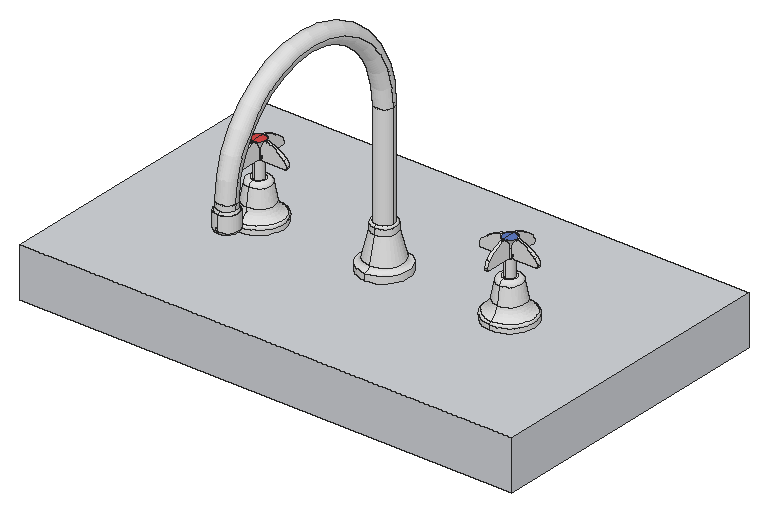
Revit family
Parameters (values of type "49942 (Jumper Valve)")
  WELSRating_ANZRS = "5 star"
  URL = "www.galvinengineering.com.au"
  Type Comments = "Vendal Resistant"
  StyleOrType_ANZRS = "Plumbing Fixture"
  Seating = "Jumper Valve (Option of 1/2 Turn Ceramic Disc)"
  PlumbingMaterial_ANZRS = Metal_Taps_DR-Brass-with-Chrome-Finish_10800
  Outlet = "Fixed Gooseneck 200mm Spout DPW (NSW)"
  ModifiedIssue_ANZRS = 20120629.01  # constant formula
  Model = "49942"
  Manufacturer = "Galvin Engineering"
  Keynote = "15400"
  Instructions = "http://www.galvinengineering.com.au/Installation_Guides_1.aspx"
  Inlet = "15mm BSP"
  FlowRate = 0.10 L/s
  FilterObject_ANZRS = "Vendal Resistant"
  DimWidth = 255 mm  # constant formula
  DimInletRadius = 7.5 mm  # constant formula
  DimHeight = 260 mm  # constant formula
  DimDepth = 200 mm  # constant formula
  Description = "Vandal Resistant DPW Hob Sink Set - Jumper Valve"
  Default Elevation = 900 mm
  CreatedBy_ANZRS = "Galvin Engineering"  # constant formula
  CreatedByURL_ANZRS = "www.galvinengineering.com.au"
  CreatedByPhoneNo_ANZRS = "61-8-92495900"  # constant formula
  Assembly Code = "D2010"
Reference planes
  plane 1 "Back": y = 0
  plane 2 "Face": z = 0
  plane 3 "Center (Left/Right)": x = 0
  plane 4 "Left": x = -127.5
  plane 5 "Right": x = 127.5
  plane 6 "Top": z = 260
  plane 7 "Front": y = -200
  plane 8: z = 125
Forms (mm)
  Extrusion 1, solid
    sketch origin (0, -719.2, 0) x (1, 0, 0) y (0, 1, 0)
      loop
        line (-250, 869.2) -> (-250, 569.2) -> (250, 569.2) -> (250, 869.2) -> (-250, 869.2)
    from 0 to -50
  Revolve 2, solid, material "Metal_Taps_DR-Brass-with-Chrome-Finish_10800" <- "PlumbingMaterial_ANZRS"
    sketch origin (-127.5, 0, 0) x (0, 1, 0) y (0, 0, 1)
      loop
        line (0, 74.436) -> (-7.407, 74.436)
        arc (-7.407, 74.436) -> (-3.989, 70.707) -> (-2.75, 65.802) r 10.333
        line (-2.75, 65.802) -> (-2.75, 56.036) -> (-4.919, 56.036) -> (-4.919, 39) -> (-7.33, 39)
        arc (-7.33, 39) -> (-10.552, 37.823) -> (-12.258, 34.846) r 5
        line (-12.258, 34.846) -> (-15.129, 18.129)
        arc (-15.129, 18.129) -> (-17.907, 11.675) -> (-23.319, 7.195) r 15
        arc (-23.319, 7.195) -> (-24.545, 6.088) -> (-25, 4.5) r 3
        line (-25, 4.5) -> (-25, 0) -> (0, 0) -> (0, 74.436)
      axis (0, 0) -> (0, 74.436)
    angle from 0 to 360
  Extrusion 3, solid, material "Metal_Taps_DR-Brass-with-Chrome-Finish_10800" <- "PlumbingMaterial_ANZRS"
    sketch origin (-127.5, 0, 0) x (0, 1, 0) y (0, 0, 1)
      loop
        line (-27.98, 56.036) -> (28.02, 56.036)
        arc (28.02, 56.036) -> (29.11, 56.505) -> (29.518, 57.62) r 1.5
        arc (29.518, 57.62) -> (28.88, 61.161) -> (26.905, 64.169) r 9
        arc (26.905, 64.169) -> (19.204, 70.219) -> (10.263, 74.216) r 40
        arc (10.263, 74.216) -> (9.538, 74.381) -> (8.796, 74.436) r 5
        line (8.796, 74.436) -> (-8.62, 74.436)
        arc (-8.62, 74.436) -> (-9.363, 74.38) -> (-10.09, 74.215) r 5
        arc (-10.09, 74.215) -> (-19.14, 70.144) -> (-26.909, 63.971) r 40
        arc (-26.909, 63.971) -> (-28.831, 61.029) -> (-29.479, 57.576) r 9
        arc (-29.479, 57.576) -> (-29.054, 56.49) -> (-27.98, 56.036) r 1.5
    from -1.5 to 1.5
  Revolve 4, solid, material "Plastic_Taps_Red_10800"
    sketch origin (-127.5, 0, 0) x (0, 1, 0) y (0, 0, 1)
      loop
        line (0, 74.436) -> (0, 75.522)
        spline (0, 75.522) -> (-0.816, 75.513) -> (-1.618, 75.485) -> (-2.392, 75.44) -> (-3.125, 75.377) -> (-3.805, 75.298) -> (-4.419, 75.204) -> (-4.958, 75.097) -> (-5.413, 74.979) -> (-5.774, 74.852) -> (-6.037, 74.717) -> (-6.197, 74.578) -> (-6.25, 74.436)
        line (-6.25, 74.436) -> (0, 74.436)
      axis (0, 74.436) -> (0, 75.522)
    angle from 0 to 360
  Extrusion 5, solid, material "Metal_Taps_DR-Brass-with-Chrome-Finish_10800" <- "PlumbingMaterial_ANZRS"
    sketch origin (0, 0, 0) x (1, 0, 0) y (0, 0, 1)
      loop
        arc (-99.501, 56.036) -> (-98.426, 56.49) -> (-98.001, 57.576) r 1.5
        arc (-98.001, 57.576) -> (-98.65, 61.029) -> (-100.571, 63.971) r 9
        arc (-100.571, 63.971) -> (-108.341, 70.144) -> (-117.391, 74.215) r 40
        arc (-117.391, 74.215) -> (-118.117, 74.38) -> (-118.86, 74.436) r 5
        line (-118.86, 74.436) -> (-136.277, 74.436)
        arc (-136.277, 74.436) -> (-137.018, 74.381) -> (-137.743, 74.216) r 5
        arc (-137.743, 74.216) -> (-146.684, 70.219) -> (-154.385, 64.169) r 40
        arc (-154.385, 64.169) -> (-156.36, 61.161) -> (-156.999, 57.62) r 9
        arc (-156.999, 57.62) -> (-156.591, 56.505) -> (-155.501, 56.036) r 1.5
        line (-155.501, 56.036) -> (-99.501, 56.036)
    from -1.5 to 1.5
  Revolve 6, solid, material "Metal_Taps_DR-Brass-with-Chrome-Finish_10800" <- "PlumbingMaterial_ANZRS"
    sketch origin (127.5, 0, 0) x (0, 1, 0) y (0, 0, -1)
      loop
        line (0, -74.436) -> (0, 0) -> (-25, 0) -> (-25, -4.5)
        arc (-25, -4.5) -> (-24.545, -6.088) -> (-23.319, -7.195) r 3
        arc (-23.319, -7.195) -> (-17.907, -11.675) -> (-15.129, -18.129) r 15
        line (-15.129, -18.129) -> (-12.258, -34.846)
        arc (-12.258, -34.846) -> (-10.552, -37.823) -> (-7.33, -39) r 5
        line (-7.33, -39) -> (-4.919, -39) -> (-4.919, -56.036) -> (-2.75, -56.036) -> (-2.75, -65.802)
        arc (-2.75, -65.802) -> (-3.989, -70.707) -> (-7.407, -74.436) r 10.333
        line (-7.407, -74.436) -> (0, -74.436)
      axis (0, 0) -> (0, -74.436)
    angle from 0 to 360
  Extrusion 7, solid, material "Metal_Taps_DR-Brass-with-Chrome-Finish_10800" <- "PlumbingMaterial_ANZRS"
    sketch origin (127.5, 0, 0) x (0, 1, 0) y (0, 0, -1)
      loop
        arc (-27.98, -56.036) -> (-29.054, -56.49) -> (-29.479, -57.576) r 1.5
        arc (-29.479, -57.576) -> (-28.831, -61.029) -> (-26.909, -63.971) r 9
        arc (-26.909, -63.971) -> (-19.14, -70.144) -> (-10.09, -74.215) r 40
        arc (-10.09, -74.215) -> (-9.363, -74.38) -> (-8.62, -74.436) r 5
        line (-8.62, -74.436) -> (8.796, -74.436)
        arc (8.796, -74.436) -> (9.538, -74.381) -> (10.263, -74.216) r 5
        arc (10.263, -74.216) -> (19.204, -70.219) -> (26.905, -64.169) r 40
        arc (26.905, -64.169) -> (28.88, -61.161) -> (29.518, -57.62) r 9
        arc (29.518, -57.62) -> (29.11, -56.505) -> (28.02, -56.036) r 1.5
        line (28.02, -56.036) -> (-27.98, -56.036)
    from -1.5 to 1.5
  Revolve 8, solid, material "Plastic_Taps_Blue_10800"
    sketch origin (127.5, 0, 0) x (0, 1, 0) y (0, 0, -1)
      loop
        line (0, -74.436) -> (-6.25, -74.436)
        spline (-6.25, -74.436) -> (-6.197, -74.578) -> (-6.037, -74.717) -> (-5.774, -74.852) -> (-5.413, -74.979) -> (-4.958, -75.097) -> (-4.419, -75.204) -> (-3.805, -75.298) -> (-3.125, -75.377) -> (-2.392, -75.44) -> (-1.618, -75.485) -> (-0.816, -75.513) -> (0, -75.522)
        line (0, -75.522) -> (0, -74.436)
      axis (0, -74.436) -> (0, -75.522)
    angle from 0 to 360
  Extrusion 9, solid, material "Metal_Taps_DR-Brass-with-Chrome-Finish_10800" <- "PlumbingMaterial_ANZRS"
    sketch origin (0, 0, 0) x (-1, 0, 0) y (0, 0, -1)
      loop
        line (-99.501, -56.036) -> (-155.501, -56.036)
        arc (-155.501, -56.036) -> (-156.591, -56.505) -> (-156.999, -57.62) r 1.5
        arc (-156.999, -57.62) -> (-156.36, -61.161) -> (-154.385, -64.169) r 9
        arc (-154.385, -64.169) -> (-146.684, -70.219) -> (-137.743, -74.216) r 40
        arc (-137.743, -74.216) -> (-137.018, -74.381) -> (-136.277, -74.436) r 5
        line (-136.277, -74.436) -> (-118.86, -74.436)
        arc (-118.86, -74.436) -> (-118.117, -74.38) -> (-117.391, -74.215) r 5
        arc (-117.391, -74.215) -> (-108.341, -70.144) -> (-100.571, -63.971) r 40
        arc (-100.571, -63.971) -> (-98.65, -61.029) -> (-98.001, -57.576) r 9
        arc (-98.001, -57.576) -> (-98.426, -56.49) -> (-99.501, -56.036) r 1.5
    from -1.5 to 1.5
  Revolve 10, solid, material "Metal_Taps_DR-Brass-with-Chrome-Finish_10800" <- "PlumbingMaterial_ANZRS"
    sketch origin (0, 0, 0) x (0, 1, 0) y (0, 0, 1)
      loop
        line (0, 44.5) -> (-10, 44.5)
        arc (-10, 44.5) -> (-11.414, 43.914) -> (-12, 42.5) r 2
        line (-12, 42.5) -> (-12, 36.5) -> (-18.433, 11.031)
        arc (-18.433, 11.031) -> (-20.563, 7.766) -> (-24.25, 6.5) r 6
        line (-24.25, 6.5) -> (-24.25, 0) -> (0, 0) -> (0, 44.5)
      axis (0, 0) -> (0, 44.5)
    angle from 0 to 360
  Sweep 11, solid, material "Metal_Taps_DR-Brass-with-Chrome-Finish_10800" <- "PlumbingMaterial_ANZRS"
    path origin (0, 0, 0) x (0, 1, 0) y (0, 0, 1)
      loop
        line (-200, 145) -> (-200, 150.5)
        arc (-200, 150.5) -> (-100, 250.5) -> (0, 150.5) r 100
        line (0, 150.5) -> (0, 44.5)
    profile origin (0, 0, 97.5) x (1, 0, 0) y (0, 1, 0)
      loop
        circle (0, 0) r 9.5
  Revolve 12, solid, material "Metal_Taps_DR-Brass-with-Chrome-Finish_10800" <- "PlumbingMaterial_ANZRS"
    sketch origin (0, 18.668, 36.629) x (0, 0.984808, 0.173648) y (0, -0.173648, 0.984808)
      loop
        line (-208.57, 143.773) -> (-211.262, 128.509)
        arc (-211.262, 128.509) -> (-211.013, 127.388) -> (-210.045, 126.771) r 1.5
        line (-210.045, 126.771) -> (-208.568, 126.511) -> (-205.616, 143.252) -> (-197.048, 141.742) -> (-196.527, 144.696) -> (-205.82, 146.335) -> (-207.388, 143.565) -> (-208.57, 143.773)
      axis (-196.527, 144.696) -> (-200, 125)
    angle from 0 to 360
Dimensions and locks
  "DimHeight": plane 2 "Face" to plane 6 "Top"
  "DimWidth": plane 4 "Left" to plane 5 "Right"
  "DimDepth": plane 1 "Back" to plane 7 "Front"
  locked: plane 2 "Face" to plane 8 at 125
  aligned and locked: plane 2 "Face" to Extrusion 1
  aligned and locked: level to Extrusion 1
Automatic sketch dimensions
  Extrusion 1 sketch curve to Extrusion 1 sketch curve = 500 mm
  Extrusion 1 sketch curve to Extrusion 1 sketch curve = 300 mm
  Revolve 2 sketch curve to level = 0 mm
  Revolve 2 sketch curve to plane 1 "Back" = 0 mm  (x2)
  plane 1 "Back" to Revolve 2 sketch curve = 2.75 mm
  plane 1 "Back" to Revolve 2 sketch curve = 4.919 mm
  Revolve 2 sketch curve to Revolve 2 sketch curve = 2.411 mm
  plane 1 "Back" to Revolve 2 sketch curve = 7.407 mm
  Revolve 2 sketch curve to Revolve 2 sketch curve = 4.928 mm
  Revolve 2 sketch curve to Revolve 2 sketch curve = 10.333 mm
  plane 1 "Back" to Revolve 2 sketch curve = 15.129 mm
  level to Revolve 2 sketch curve = 4.5 mm
  Revolve 2 sketch curve to Revolve 2 sketch curve = 6.871 mm
  Revolve 2 sketch curve to Revolve 2 sketch curve = 1.319 mm
  Revolve 2 sketch curve to Revolve 2 sketch curve = 0 mm
  Revolve 2 sketch curve to Revolve 2 sketch curve = 3 mm
  Revolve 2 sketch curve to Revolve 2 sketch curve = 14.784 mm
  Revolve 2 sketch curve to Revolve 2 sketch curve = 14.703 mm
  Revolve 2 sketch curve to Revolve 2 sketch curve = 15.871 mm
  Revolve 2 sketch curve to Revolve 2 sketch curve = 0.846 mm
  Revolve 2 sketch curve to Revolve 2 sketch curve = 17.036 mm
  Revolve 2 sketch curve to Revolve 2 sketch curve = 9.766 mm
  Revolve 2 sketch curve to Revolve 2 sketch curve = 8.161 mm
  plane 1 "Back" to Extrusion 3 sketch curve = 29.479 mm
  Extrusion 3 sketch curve to Extrusion 3 sketch curve = 1.499 mm
  Extrusion 3 sketch curve to Extrusion 3 sketch curve = 1.07 mm
  Extrusion 3 sketch curve to Extrusion 3 sketch curve = 0 mm  (x4)
  Extrusion 3 sketch curve to Extrusion 3 sketch curve = 7.5 mm  (x2)
  plane 1 "Back" to Extrusion 3 sketch curve = 10.09 mm
  Extrusion 3 sketch curve to Extrusion 3 sketch curve = 1.47 mm
  plane 1 "Back" to Extrusion 3 sketch curve = 1.47 mm
  Extrusion 3 sketch curve to plane 1 "Back" = 1.667 mm
  Extrusion 3 sketch curve to plane 1 "Back" = 8.796 mm
  Extrusion 3 sketch curve to Extrusion 3 sketch curve = 1.467 mm
  Extrusion 3 sketch curve to Extrusion 3 sketch curve = 11.724 mm
  Extrusion 3 sketch curve to Extrusion 3 sketch curve = 6.384 mm
  Extrusion 3 sketch curve to Extrusion 3 sketch curve = 1.498 mm
  level to Extrusion 3 sketch curve = 35.976 mm
  Extrusion 3 sketch curve to Extrusion 3 sketch curve = 0.006 mm
  Extrusion 3 sketch curve to Extrusion 3 sketch curve = 20.054 mm
  Extrusion 3 sketch curve to Extrusion 3 sketch curve = 1.5 mm
  Revolve 4 sketch curve to plane 1 "Back" = 0 mm  (x2)
  plane 1 "Back" to Revolve 4 sketch curve = 6.25 mm
  level to Revolve 4 sketch curve = 68.546 mm
  Revolve 4 sketch curve to Revolve 4 sketch curve = 5.89 mm
  Revolve 4 sketch curve to Revolve 4 sketch curve = 1.086 mm
  Revolve 4 sketch curve to Revolve 4 sketch curve = 6.727 mm
  Extrusion 5 sketch curve to plane 4 "Left" = 29.499 mm
  Extrusion 5 sketch curve to Extrusion 5 sketch curve = 1.498 mm
  Extrusion 5 sketch curve to Extrusion 5 sketch curve = 1.116 mm
  Extrusion 5 sketch curve to Extrusion 5 sketch curve = 0 mm  (x4)
  Extrusion 5 sketch curve to Extrusion 5 sketch curve = 7.5 mm  (x2)
  Extrusion 5 sketch curve to plane 4 "Left" = 10.243 mm
  Extrusion 5 sketch curve to Extrusion 5 sketch curve = 1.467 mm
  Extrusion 5 sketch curve to plane 4 "Left" = 1.647 mm
  plane 4 "Left" to Extrusion 5 sketch curve = 1.49 mm
  plane 4 "Left" to Extrusion 5 sketch curve = 8.64 mm
  Extrusion 5 sketch curve to Extrusion 5 sketch curve = 1.47 mm
  Extrusion 5 sketch curve to Extrusion 5 sketch curve = 11.859 mm
  Extrusion 5 sketch curve to Extrusion 5 sketch curve = 6.43 mm
  Extrusion 5 sketch curve to Extrusion 5 sketch curve = 1.499 mm
  level to Extrusion 5 sketch curve = 35.976 mm
  Extrusion 5 sketch curve to Extrusion 5 sketch curve = 0.006 mm
  Extrusion 5 sketch curve to Extrusion 5 sketch curve = 20.054 mm
  Extrusion 5 sketch curve to Extrusion 5 sketch curve = 1.5 mm
  Revolve 6 sketch curve to level = 0 mm
  Revolve 6 sketch curve to plane 1 "Back" = 0 mm  (x2)
  plane 1 "Back" to Revolve 6 sketch curve = 2.75 mm
  plane 1 "Back" to Revolve 6 sketch curve = 4.919 mm
  Revolve 6 sketch curve to Revolve 6 sketch curve = 2.411 mm
  plane 1 "Back" to Revolve 6 sketch curve = 7.407 mm
  Revolve 6 sketch curve to Revolve 6 sketch curve = 4.928 mm
  Revolve 6 sketch curve to Revolve 6 sketch curve = 10.333 mm
  plane 1 "Back" to Revolve 6 sketch curve = 15.129 mm
  level to Revolve 6 sketch curve = 4.5 mm
  Revolve 6 sketch curve to Revolve 6 sketch curve = 6.871 mm
  Revolve 6 sketch curve to Revolve 6 sketch curve = 1.319 mm
  Revolve 6 sketch curve to Revolve 6 sketch curve = 0 mm
  Revolve 6 sketch curve to Revolve 6 sketch curve = 3 mm
  Revolve 6 sketch curve to Revolve 6 sketch curve = 14.784 mm
  Revolve 6 sketch curve to Revolve 6 sketch curve = 15.871 mm
  Revolve 6 sketch curve to Revolve 6 sketch curve = 0.846 mm
  Revolve 6 sketch curve to Revolve 6 sketch curve = 17.036 mm
  Revolve 6 sketch curve to Revolve 6 sketch curve = 9.766 mm
  Revolve 6 sketch curve to Revolve 6 sketch curve = 8.161 mm
  Revolve 6 sketch curve to Revolve 6 sketch curve = 14.703 mm
  plane 1 "Back" to Extrusion 7 sketch curve = 29.479 mm
  Extrusion 7 sketch curve to Extrusion 7 sketch curve = 1.499 mm
  Extrusion 7 sketch curve to Extrusion 7 sketch curve = 1.07 mm
  Extrusion 7 sketch curve to Extrusion 7 sketch curve = 0 mm  (x4)
  Extrusion 7 sketch curve to Extrusion 7 sketch curve = 7.5 mm  (x2)
  plane 1 "Back" to Extrusion 7 sketch curve = 10.09 mm
  Extrusion 7 sketch curve to Extrusion 7 sketch curve = 1.47 mm
  plane 1 "Back" to Extrusion 7 sketch curve = 1.47 mm
  Extrusion 7 sketch curve to plane 1 "Back" = 1.667 mm
  Extrusion 7 sketch curve to plane 1 "Back" = 8.796 mm
  Extrusion 7 sketch curve to Extrusion 7 sketch curve = 1.467 mm
  Extrusion 7 sketch curve to Extrusion 7 sketch curve = 11.724 mm
  Extrusion 7 sketch curve to Extrusion 7 sketch curve = 6.384 mm
  Extrusion 7 sketch curve to Extrusion 7 sketch curve = 1.498 mm
  level to Extrusion 7 sketch curve = 74.436 mm
  Extrusion 7 sketch curve to Extrusion 7 sketch curve = 0.22 mm
  Extrusion 7 sketch curve to Extrusion 7 sketch curve = 0.221 mm
  Extrusion 7 sketch curve to Extrusion 7 sketch curve = 0.084 mm
  Revolve 8 sketch curve to plane 1 "Back" = 0 mm  (x2)
  plane 1 "Back" to Revolve 8 sketch curve = 6.25 mm
  level to Revolve 8 sketch curve = 82.25 mm
  Revolve 8 sketch curve to Revolve 8 sketch curve = 6.727 mm
  Revolve 8 sketch curve to Revolve 8 sketch curve = 1.086 mm
  Revolve 8 sketch curve to Revolve 8 sketch curve = 5.89 mm
  plane 5 "Right" to Extrusion 9 sketch curve = 29.499 mm
  Extrusion 9 sketch curve to Extrusion 9 sketch curve = 1.498 mm
  Extrusion 9 sketch curve to Extrusion 9 sketch curve = 1.116 mm
  Extrusion 9 sketch curve to Extrusion 9 sketch curve = 0 mm  (x4)
  Extrusion 9 sketch curve to Extrusion 9 sketch curve = 7.5 mm  (x2)
  plane 5 "Right" to Extrusion 9 sketch curve = 10.243 mm
  Extrusion 9 sketch curve to Extrusion 9 sketch curve = 1.467 mm
  plane 5 "Right" to Extrusion 9 sketch curve = 1.647 mm
  Extrusion 9 sketch curve to plane 5 "Right" = 1.49 mm
  Extrusion 9 sketch curve to plane 5 "Right" = 8.64 mm
  Extrusion 9 sketch curve to Extrusion 9 sketch curve = 1.47 mm
  Extrusion 9 sketch curve to Extrusion 9 sketch curve = 11.859 mm
  Extrusion 9 sketch curve to Extrusion 9 sketch curve = 6.43 mm
  Extrusion 9 sketch curve to Extrusion 9 sketch curve = 1.499 mm
  Extrusion 9 sketch curve to level = 35.976 mm
  Extrusion 9 sketch curve to Extrusion 9 sketch curve = 0.006 mm
  Extrusion 9 sketch curve to Extrusion 9 sketch curve = 20.054 mm
  Extrusion 9 sketch curve to Extrusion 9 sketch curve = 1.5 mm
  Sweep 11 sketch curve to plane 3 "Center (Left/Right)" = 0 mm
  profile plane to Sweep 11 sketch curve = 0 mm
  Revolve 10 sketch curve to level = 0 mm
  Revolve 10 sketch curve to plane 1 "Back" = 0 mm  (x2)
  Revolve 10 sketch curve to Revolve 10 sketch curve = 10 mm
  Revolve 10 sketch curve to Revolve 10 sketch curve = 2 mm
  plane 1 "Back" to Revolve 10 sketch curve = 18.433 mm
  Revolve 10 sketch curve to Revolve 10 sketch curve = 5.817 mm
  Revolve 10 sketch curve to Revolve 10 sketch curve = 6.5 mm
  Revolve 10 sketch curve to Revolve 10 sketch curve = 4.531 mm
  Revolve 10 sketch curve to Revolve 10 sketch curve = 14.703 mm
  Revolve 10 sketch curve to Revolve 10 sketch curve = 21.797 mm
  Revolve 10 sketch curve to Revolve 10 sketch curve = 6 mm
  Revolve 10 sketch curve to Revolve 10 sketch curve = 18.648 mm
  plane 8 to Revolve 12 sketch curve = 0 mm  (x2)
  Revolve 12 sketch curve to plane 7 "Front" = 0 mm  (x3)
  Revolve 12 sketch curve to plane 8 = 1.5 mm
  plane 7 "Front" to Revolve 12 sketch curve = 11.7 mm
  Revolve 12 sketch curve to Revolve 12 sketch curve = 1.217 mm
  Revolve 12 sketch curve to Revolve 12 sketch curve = 0.26 mm
  Revolve 12 sketch curve to Revolve 12 sketch curve = 2.692 mm
  Revolve 12 sketch curve to Revolve 12 sketch curve = 1.477 mm
  Revolve 12 sketch curve to Revolve 12 sketch curve = 1.182 mm
  Revolve 12 sketch curve to Revolve 12 sketch curve = 1.569 mm
  Revolve 12 sketch curve to Revolve 12 sketch curve = 1.773 mm
  Revolve 12 sketch curve to Revolve 12 sketch curve = 7.938 mm
  Revolve 12 sketch curve to Revolve 12 sketch curve = 0.977 mm
  Revolve 12 sketch curve to Revolve 12 sketch curve = 0.521 mm
  Revolve 12 sketch curve to Revolve 12 sketch curve = 0.313 mm
  Sweep 11 sketch curve to plane 7 "Front" = 0 mm
  Sweep 11 sketch curve to plane 1 "Back" = 0 mm
  level to Sweep 11 sketch curve = 44.5 mm
  Sweep 11 sketch curve to plane 8 = 20 mm
  Sweep 11 sketch curve to Sweep 11 sketch curve = 5.5 mm
  radius of Sweep 11 sketch curve = 9.5 mm
Connectors
  piping at (0, 0, 0), driven by "FlowRate", driven by "DimInletRadius"
    settings: on Revolve 10, index 1, connector radius 0.29528", flow factor 0, pipe flow 0.10 L/s, pressure drop 0.00 psi, fitting loss kfactor 0, connector angle 0.00°, fixture units 0, flow configuration 1, flow direction 1, fitting loss method 4, system type 20, connector reference index -1, connector utility 0, adjustable connector no, is connector primary yes, fitting loss table "", connector description "Inlet"
